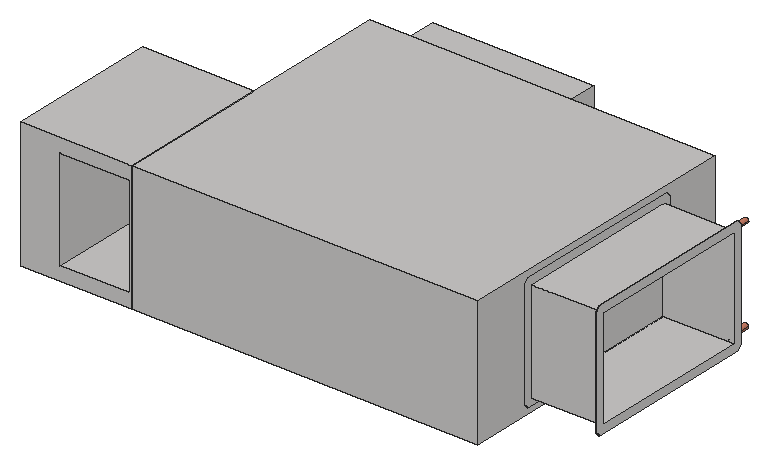
Revit family
Parameters
  Width = 3' - 1"
  Voltage = 277 V
  Unit Weight = if(and(Size Option = 1, Number of Rows = 1), "189.0 lbs", if(and(Size Option = 1, Number of Rows = 2), "192.0 lbs", if(and(Size Option = 2, Number of Rows = 1), "194.0 lbs", if(and(Size Option = 2, Number of Rows = 2), "197.0 lbs", "0"))))  # "194.0 lbs"
  UltraLoc Liner = Choose Liner Option = 3  # no
  URL = "http://www.titus-hvac.com/"
  UL = "181"
  Supply Air Flow [instance] = 0 CFM
  SteriLoc Liner = Choose Liner Option = 2  # no
  Size Option = 2
  Size C = Size Option = 2  # yes
  Size B = Size Option = 1  # no
  Secondary Material = Copper Connectors
  Primary Air Pressure Drop [instance] = 0.00 in-wg
  Primary Air Flow [instance] = 0 CFM
  Pressure [instance] = 0.00 psi
  Plenum Air Pressure Drop [instance] = 0.00 in-wg
  Plenum Air Flow [instance] = 0 CFM
  Outlet Width = 1' - 8 1/2"
  Outlet Height = 1' - 0 1/2"
  Number of Rows = 1
  Number of Poles = 1
  Nominal Width = Width + 0' 6 1/4"  # 3' - 7 1/4"
  Nominal Length = Length + 1' 1 7/8" + 0' 9"  # 5' - 5 7/8"
  Nominal Inlet Size = 0' - 8"
  Nominal Height = 1' - 4"
  NFPA = "90A"
  Motor Full Load Amps [instance] = 1.4 A
  Model = "DTFS-F"
  Min. Air Flow = 0 CFM
  Max. Air Flow = 900 CFM
  Material = Galvanized Steel
  Manufacturer = "Titus"
  Length = 3' - 7"
  Juction Box Offset = 0' - 2 7/8"
  Inlet Diameter = Nominal Inlet Size - 0' 0 1/8"  # 0' - 7 7/8"
  Induced Air Inlet Width = 1' - 1 7/8"
  Induced Air Inlet Offset = (Height - Induced Air Inlet Connection Height) / 2  # 0' - 1 11/16"
  Induced Air Inlet Height = 1' - 7"
  Induced Air Inlet Connection Width = 0' - 8 3/4"
  Induced Air Inlet Connection Height = 1' - 0 5/8"
  Induced Air Filter = no
  Height = 1' - 4"
  Heating Total Capacity [instance] = 0 Btu/h
  Heating Entering Water Temp = 0 °F
  Half Outlet Connection Width = Outlet Width / 2  # 0' - 10 1/4"
  Half Outlet Connection Height = Outlet Height / 2  # 0' - 6 1/4"
  Half Height Start = -(Height / 2)  # -0' - 8"
  Half Height End = Height / 2  # 0' - 8"
  HWC Option = HWC Section : B-C - 1 Row
  HWC Connector Radius = 5/16"
  HP-Motor = "1/4"
  Gallons Per Minute [instance] = 0 GPM
  Frequency = 60 Hz
  Flange Offset = 0' - 1"
  Filter Size = "11\"x14\""
  Fiber Free Liner = Choose Liner Option = 1  # no
  Fan Disconnect Switch = no
  Duct Radius = Nominal Inlet Size / 2  # 0' - 4"
  Description = "Ultra Quiet Series Fan Powered Terminal Unit, Direct Digital Control, Pressure Independent"
  Connector Vertical Offset = 0' - 11 3/4"
  HWC Connector Length = 0' - 3"
  Connector Horizontal Offset = if(Number of Rows = 1, 0' 0", if(Number of Rows = 2, 0' 1", 0' 0"))  # 0' - 0"
  Connection Void Radius = Connection Radius - 0' 0 1/4"  # 0' - 3 11/16"
  Connection Radius = Inlet Diameter / 2  # 0' - 3 15/16"
  Choose Liner Option = 0
  CADworks URL = "www.CADworks.net"
  Assembly Code = "D3040100"
  Apparent Power [instance] = Voltage * Motor Full Load Amps  # 387.8 VA
  Air Inlet Offset = 0' - 6"
  1/2" Fiberglass Liner = Choose Liner Option = 0  # yes
  1" Fiberglass Liner = Choose Liner Option = 4  # no
Reference planes (in)
  plane 1 "Center (Front/Back)": y = 0
  plane 2: z = 0
  plane 3 "Center (Left/Right)": x = 3
  plane 4: x = -18.5
  plane 5: x = 24.5
  plane 6: x = -15.625
  plane 7: x = -21.875
  plane 8: z = 0
  plane 9: y = -18.5
  plane 10: y = 18.5
  plane 11: y = 12.5
  plane 12: z = 0
  plane 13: x = 33.5
  plane 14: x = 32.5
  plane 15: y = 13.25
  plane 16: y = 10.25
  plane 17: z = 5.875
  plane 18: z = -5.875
  plane 19: x = 32.5
  plane 20: y = 24.75
  plane 21: x = -32.375
  plane 22: z = 8
  plane 23: z = -8
Forms (in)
  Extrusion 1, solid, material "Galvanized Steel" <- "Material"
    sketch origin (0, 0, 0) x (1, 0, 0) y (0, 1, 0)
      loop
        line (-18.5, 18.5) -> (-18.5, -18.5) -> (24.5, -18.5) -> (24.5, 18.5) -> (-18.5, 18.5)
    from -8 <- "Half Height Start" to 8 <- "Half Height End"
  Extrusion 2, solid, material "Galvanized Steel" <- "Material"
    sketch origin (0, 0, 0) x (1, 0, 0) y (0, 1, 0)
      loop
        line (-32.375, 0.5) -> (-32.375, -18.5) -> (-18.5, -18.5) -> (-18.5, 0.5) -> (-32.375, 0.5)
    from -8 <- "Half Height Start" to 8 <- "Half Height End"
  Extrusion 3, void
    sketch origin (0, -18.5, 0) x (1, 0, 0) y (0, 0, -1)
      loop
        line (-18.75, 6.3125) -> (-27.5, 6.3125) -> (-27.5, -6.3125) -> (-18.75, -6.3125) -> (-18.75, 6.3125)
    from 0 to 16
  Extrusion 4, solid, material "Galvanized Steel" <- "Material"
    sketch origin (3, 0, 30) x (1, 0, 0) y (0, 1, 0)
      loop
        line (-18.625, 18.5) -> (1.375, 18.5) -> (1.375, 24.75) -> (-18.625, 24.75) -> (-18.625, 18.5)
    from -36 to -24
  Extrusion 5, solid, material "Galvanized Steel" <- "Material"
    sketch origin (-24.875, -2, 0) x (0, 0, -1) y (0, 1, 0)
      loop
        circle (0, 14.5) r 3.9375
    from 3 to 6.375
  Extrusion 6, void
    sketch origin (-24.875, 0, 0) x (0, 1, 0) y (0, 0, 1)
      loop
        circle (12.5, 0) r 3.6875
    from 3 to 9.25
  Extrusion 7, void, detail levels fine
    sketch origin (33.5, -10.25, 6.25) x (0, 0, 1) y (0, -1, 0)
      loop
        line (-12.5, 0) -> (-12.5, -20.5) -> (0, -20.5) -> (0, 0) -> (-12.5, 0)
    from -0.0625 to 0
  Extrusion 8, solid, material "Copper Connectors" <- "Secondary Material", detail levels fine
    sketch origin (0, 0, 0) x (1, 0, 0) y (0, 0, 1)
      loop
        circle (32.5, 5.875) r 0.3125
    from -13.25 to -10.3125
  Extrusion 9, solid, material "Copper Connectors" <- "Secondary Material", detail levels fine
    sketch origin (0, 0, 0) x (1, 0, 0) y (0, 0, 1)
      loop
        circle (32.5, -5.875) r 0.3125
    from -13.25 to -10.3125
Cuts and joins
  Extrusion 3 cuts Extrusion 2
  Extrusion 6 cuts Extrusion 1
  Extrusion 6 cuts Extrusion 5
Dimensions and locks (in)
  "Length": plane 5 to plane 4
  equal spacing: plane 5, plane 3 "Center (Left/Right)", plane 4
  locked: Extrusion 4 to plane 6 at 0
  locked: Extrusion 4 to Extrusion 4 at 20
  "Juction Box Offset": plane 6 to plane 4
  locked: plane 4 to plane 7 at 3.375
  "Width": plane 9 to plane 10
  equal spacing: plane 9, plane 1 "Center (Front/Back)", plane 10
  locked: Extrusion 5 sketch curve to level at 0
  locked: Extrusion 5 sketch curve to plane 11 at 0
  locked: Extrusion 6 sketch curve to level at 0
  locked: Extrusion 6 sketch curve to plane 11 at 0
  locked: Extrusion 4 to Extrusion 4 at 6.25
  locked: Extrusion 4 to Extrusion 4 at 12
  equal spacing: Extrusion 4, plane 8, Extrusion 4
  "Air Inlet Offset": plane 10 to plane 11
  "Induced Air Inlet Height": cut or joined group of Extrusion 2, Extrusion 3 to cut or joined group of Extrusion 2, Extrusion 3
  locked: cut or joined group of Extrusion 5, Extrusion 6 to cut or joined group of Extrusion 5, Extrusion 6 at 3.375
  "Induced Air Inlet Connection Height": Extrusion 3 sketch curve to Extrusion 3 sketch curve
  "Induced Air Inlet Offset": Extrusion 3 sketch curve to cut or joined group of Extrusion 2, Extrusion 3
  "Induced Air Inlet Connection Width": Extrusion 3 sketch curve to Extrusion 3 sketch curve
  locked: Extrusion 3 sketch curve to cut or joined group of Extrusion 1, Extrusion 6 at 0.25
  locked: plane 5 to plane 13 at 9
  locked: plane 14 to plane 13 at 1
  locked: plane 17 to plane 18 at 11.75
  equal spacing: plane 17, plane 12, plane 18
  "Connector Horizontal Offset": plane 19 to plane 14
  "HWC Connector Length": plane 16 to plane 15
  locked: cut or joined group of Extrusion 2, Extrusion 3 to cut or joined group of Extrusion 2, Extrusion 3 at 16
  equal spacing: cut or joined group of Extrusion 2, Extrusion 3, plane 12, cut or joined group of Extrusion 2, Extrusion 3
  locked: cut or joined group of Extrusion 1, Extrusion 6 to cut or joined group of Extrusion 2, Extrusion 3 at 16
  equal spacing: cut or joined group of Extrusion 1, Extrusion 6, plane 12, cut or joined group of Extrusion 1, Extrusion 6
  locked: cut or joined group of Extrusion 2, Extrusion 3 to cut or joined group of Extrusion 2, Extrusion 3 at 13.875
  locked: nested 1 to cut or joined group of Extrusion 1, Extrusion 6 at 1.6875
  locked: cut or joined group of Extrusion 1, Extrusion 6 to nested 1 at 1.6875
  "Connection Radius": radius of Extrusion 5 sketch curve
  "Connection Void Radius": radius of Extrusion 6 sketch curve
  "HWC Connector Radius": radius of Extrusion 8 sketch curve
  "HWC Connector Radius": radius of Extrusion 9 sketch curve
  aligned and locked: plane 10 to Extrusion 4
  aligned and locked: plane 7 to cut or joined group of Extrusion 5, Extrusion 6
  aligned and locked: plane 9 to cut or joined group of Extrusion 2, Extrusion 3  (x3)
  aligned and locked: nested 1 to Extrusion 8
  aligned and locked: plane 15 to Extrusion 8
  aligned and locked: nested 1 to Extrusion 9
  aligned and locked: plane 15 to Extrusion 9
  aligned and locked: plane 5 to cut or joined group of Extrusion 1, Extrusion 6
  aligned and locked: cut or joined group of Extrusion 1, Extrusion 6 to plane 10
  aligned and locked: plane 9 to cut or joined group of Extrusion 1, Extrusion 6
  aligned and locked: cut or joined group of Extrusion 1, Extrusion 6 to plane 4
  aligned and locked: cut or joined group of Extrusion 1, Extrusion 6 to nested 1
  aligned and locked: cut or joined group of Extrusion 5, Extrusion 6 to cut or joined group of Extrusion 1, Extrusion 6
  aligned and locked: cut or joined group of Extrusion 2, Extrusion 3 to cut or joined group of Extrusion 1, Extrusion 6
  aligned and locked: plane 6 to Extrusion 6
  aligned and locked: Extrusion 6 to plane 7
  aligned and locked: plane 22 to cut or joined group of Extrusion 2, Extrusion 3
  aligned and locked: plane 22 to cut or joined group of Extrusion 1, Extrusion 6
  aligned and locked: plane 23 to cut or joined group of Extrusion 2, Extrusion 3
  aligned and locked: plane 23 to cut or joined group of Extrusion 1, Extrusion 6
  aligned and locked: plane 20 to Extrusion 4
  aligned and locked: plane 13 to nested 1
  aligned and locked: plane 21 to cut or joined group of Extrusion 2, Extrusion 3
Automatic sketch dimensions
  Extrusion 1 sketch curve to plane 4 = 0' - 0"
  Extrusion 1 sketch curve to plane 5 = 0' - 0"
  Extrusion 1 sketch curve to plane 9 = 0' - 0"
  Extrusion 1 sketch curve to plane 10 = 0' - 0"
  Extrusion 2 sketch curve to plane 4 = 0' - 0"
  Extrusion 2 sketch curve to plane 9 = 0' - 0"
  Extrusion 2 sketch curve to plane 1 "Center (Front/Back)" = 0' - 0 1/2"
  Extrusion 4 sketch curve to plane 6 = 0' - 0"
  Extrusion 4 sketch curve to plane 10 = 0' - 0"
  plane 3 "Center (Left/Right)" to Extrusion 4 sketch curve = 0' - 1 3/8"
  Extrusion 4 sketch curve to plane 10 = 0' - 6 1/4"
  Extrusion 2 sketch curve to plane 7 = 0' - 10 1/2"
  Extrusion 7 sketch curve to nested 1 = 0' - 0"  (x4)
  Extrusion 8 sketch curve to plane 17 = 0' - 0"
  Extrusion 8 sketch curve to plane 19 = 0' - 0"
  Extrusion 9 sketch curve to plane 14 = 0' - 0"
  Extrusion 9 sketch curve to plane 18 = 0' - 0"
Nested families (in)
  nested 1: "HWC Section" at (29, 0, 0) x (0, 1, 0) z (0, 0, 1), type <- "HWC Option", type "B-C - 1 Row"
Connectors (in)
  electrical at (-5.625, 24.75, 0), driven by "Apparent Power", driven by "Voltage", driven by "Number of Poles"
    settings: on Extrusion 4, index 8
  hvac at (-21.875, 12.5, 0), driven by "Duct Radius", driven by "Primary Air Pressure Drop", driven by "Primary Air Flow"
    settings: on cut or joined group of Extrusion 5, Extrusion 6, index 9
  hvac at (-23.125, -18.5, 0), driven by "Induced Air Inlet Connection Height", driven by "Induced Air Inlet Connection Width", driven by "Plenum Air Pressure Drop", driven by "Plenum Air Flow"
    settings: on cut or joined group of Extrusion 2, Extrusion 3, index 10
  hvac at (33.5, 0, 0), driven by "Outlet Height", driven by "Outlet Width", driven by "Supply Air Flow"
    settings: on Extrusion 7, index 11
  piping at (32.5, 13.25, 5.875), driven by "Gallons Per Minute", driven by "Pressure", driven by "HWC Connector Radius"
    settings: on Extrusion 8, index 12
  piping at (32.5, 13.25, -5.875), driven by "Gallons Per Minute", driven by "HWC Connector Radius", driven by "Pressure"
    settings: on Extrusion 9, index 13
Definition of nested family "HWC Section"
  Parameters (values of type "B-C - 1 Row")
    Visibility = yes
    Secondary Material = Copper Connectors
    Number of Rows = 1
    Material = Galvanized Steel
    Half Width = HWC Width / 2  # 0' - 10 1/4"
    Half Length-Start = -(HWC Length / 2)  # -0' - 4 1/2"
    Half Length-End = HWC Length / 2  # 0' - 4 1/2"
    HWC Connection Radius = 5/16"
    Flange Offset = 0' - 1"
    Duct Vertical Offset = HWC Height - 0' 0 1/2"  # 1' - 0"
    Duct Horizontal Offset = HWC Width - 0' 0 1/2"  # 1' - 8"
    Connector Vertical Offset = 0' - 11 3/4"
    HWC Width = 1' - 8 1/2"
    HWC Height = 1' - 0 1/2"
    HWC Length = 0' - 9"  # constant formula
    Gallons Per Minute = 0 GPM
    Connector Length = 0' - 3"
    Connector Horizontal Offset = 0' - 0"
  Types (5): name | Number of Rows | Half Width | Flange Offset | Duct Vertical Offset | Duct Horizontal Offset | Connector Vertical Offset | HWC Width | HWC Height | Connector Horizontal Offset
    (no name) | 1 | 0' - 10 1/4" | 0' - 1" | 1' - 0" | 1' - 8" | 0' - 11 3/4" | 1' - 8 1/2" | 1' - 0 1/2" | 0' - 0"
    B-C - 1 Row | 1 | 0' - 10 1/4" | 0' - 1" | 1' - 0" | 1' - 8" | 0' - 11 3/4" | 1' - 8 1/2" | 1' - 0 1/2" | 0' - 0"
    B-C - 2 Row | 2 | 0' - 10 1/4" | 0' - 1" | 1' - 0" | 1' - 8" | 0' - 11 3/4" | 1' - 8 1/2" | 1' - 0 1/2" | 0' - 1"
    D-E - 1 Row | 1 | 1' - 0 1/2" | 0' - 1 1/4" | 1' - 5" | 2' - 0 1/2" | 1' - 4 1/4" | 2' - 1" | 1' - 5 1/2" | 0' - 0"
    D-E - 2 Row | 2 | 1' - 0 1/2" | 0' - 1 1/4" | 1' - 5" | 2' - 0 1/2" | 1' - 4 3/4" | 2' - 1" | 1' - 5 1/2" | 0' - 1"
  Reference planes (in)
    plane 1 "Center (Front/Back)": y = 0
    plane 2: z = 0
    plane 3 "Center (Left/Right)": x = 0
    plane 4: x = -10.25
    plane 5: x = 10.25
    plane 6: y = 4.5
    plane 7: y = -4.5
    plane 8: z = 6.25
    plane 9: z = -6.25
    plane 10: z = 5.875
    plane 11: z = -5.875
    plane 12: y = 3.5
    plane 13: y = 3.5
    plane 14: x = 13.25
  Forms (in)
    Extrusion 1, solid, material "Galvanized Steel" <- "Material", visible <- "Visibility"
      sketch origin (0, 0, 0) x (1, 0, 0) y (0, 0, 1)
        loop
          line (-10.3125, 6.3125) -> (-10.3125, -6.3125) -> (10.3125, -6.3125) -> (10.3125, 6.3125) -> (-10.3125, 6.3125)
      from -4.375 <- "Half Length-Start" to 4.5 <- "Half Length-End"
    Extrusion 2, void, detail levels fine
      sketch origin (0, 0, 0) x (1, 0, 0) y (0, 0, 1)
        loop
          line (-10.25, -6.25) -> (10.25, -6.25) -> (10.25, 6.25) -> (-10.25, 6.25) -> (-10.25, -6.25)
      from -4.5 <- "Half Length-Start" to 4.5 <- "Half Length-End"
    Extrusion 3, solid, material "Copper Connectors" <- "Secondary Material", visible <- "Visibility"
      sketch origin (6, 2.625, 0) x (0, 1, 0) y (0, 0, 1)
        loop
          circle (0.875, -5.875) r 0.3125
      from 4.3125 to 7.25
    Extrusion 4, solid, material "Galvanized Steel" <- "Material", visible <- "Visibility"
      sketch origin (0, -4.375, 0) x (1, 0, 0) y (0, 0, 1)
        loop
          line (-10.25, 6.25) -> (-10.25, -6.25) -> (10.25, -6.25) -> (10.25, 6.25) -> (-10.25, 6.25)
        loop
          line (-11.25, 6.75) -> (-11.25, -6.75) -> (-10.75, -7.25) -> (10.75, -7.25) -> (11.25, -6.75) -> (11.25, 6.75) -> (10.75, 7.25) -> (-10.75, 7.25) -> (-11.25, 6.75)
      from 0 to 0.125
    Extrusion 5, solid, material "Copper Connectors" <- "Secondary Material", visible <- "Visibility"
      sketch origin (6, -0.5, 0) x (0, 1, 0) y (0, 0, 1)
        loop
          circle (4, 5.875) r 0.3125
      from 4.3125 to 7.25
    Extrusion 6, solid, material "Galvanized Steel" <- "Material", visible <- "Visibility"
      sketch origin (0, 4.375, 0) x (1, 0, 0) y (0, 0, -1)
        loop
          line (-10.25, -6.25) -> (10.25, -6.25) -> (10.25, 6.25) -> (-10.25, 6.25) -> (-10.25, -6.25)
        loop
          line (-11.25, -6.75) -> (-10.75, -7.25) -> (10.75, -7.25) -> (11.25, -6.75) -> (11.25, 6.75) -> (10.75, 7.25) -> (-10.75, 7.25) -> (-11.25, 6.75) -> (-11.25, -6.75)
      from 0 to 0.125
  Cuts and joins
    Extrusion 2 cuts Extrusion 1
    joined: Extrusion 1, Extrusion 4, Extrusion 6
  Dimensions and locks (in)
    "HWC Width": plane 4 to plane 5
    equal spacing: plane 4, plane 3 "Center (Left/Right)", plane 5
    "HWC Height": plane 8 to plane 9
    equal spacing: plane 8, plane 2, plane 9
    equal spacing: plane 10, plane 2, plane 11
    locked: plane 12 to plane 6 at 1
    "Connector Horizontal Offset": plane 13 to plane 12
    locked: plane 7 to Extrusion 4 at 0.125
    locked: Extrusion 6 to plane 6 at 0.125
    locked: plane 4 to Extrusion 1 sketch curve at 0.0625
    locked: Extrusion 4 to Extrusion 1 sketch curve at 0.0625
    locked: Extrusion 1 sketch curve to plane 8 at 0.0625
    locked: plane 9 to Extrusion 1 sketch curve at 0.0625
    "Connector Length": plane 5 to plane 14
    "HWC Length": plane 6 to plane 7
    equal spacing: plane 6, plane 1 "Center (Front/Back)", plane 7
    "Connector Vertical Offset": plane 10 to plane 11
    equal spacing: plane 10, level, plane 11
    "HWC Width": Extrusion 4 sketch curve to Extrusion 4 sketch curve
    equal spacing: Extrusion 4 sketch curve, plane 3 "Center (Left/Right)", Extrusion 4 sketch curve
    "HWC Height": Extrusion 4 sketch curve to Extrusion 4 sketch curve
    equal spacing: Extrusion 4 sketch curve, plane 2, Extrusion 4 sketch curve
    "Flange Offset": cut or joined group of Extrusion 1, Extrusion 2, Extrusion 4, Extrusion 6 to plane 8
    "Flange Offset": plane 9 to cut or joined group of Extrusion 1, Extrusion 2, Extrusion 4, Extrusion 6
    locked: cut or joined group of Extrusion 1, Extrusion 2, Extrusion 4, Extrusion 6 to plane 4 at 1  (x2)
    locked: cut or joined group of Extrusion 1, Extrusion 2, Extrusion 4, Extrusion 6 to plane 5 at 1  (x2)
    "HWC Width": Extrusion 6 sketch curve to Extrusion 6 sketch curve
    "HWC Height": Extrusion 6 sketch curve to Extrusion 6 sketch curve
    equal spacing: Extrusion 6 sketch curve, plane 3 "Center (Left/Right)", Extrusion 6 sketch curve
    equal spacing: Extrusion 6 sketch curve, plane 2, Extrusion 6 sketch curve
    "HWC Height": Extrusion 2 sketch curve to Extrusion 2 sketch curve
    "HWC Width": Extrusion 2 sketch curve to Extrusion 2 sketch curve
    equal spacing: Extrusion 2 sketch curve, plane 3 "Center (Left/Right)", Extrusion 2 sketch curve
    equal spacing: Extrusion 2 sketch curve, plane 2, Extrusion 2 sketch curve
    locked: plane 5 to Extrusion 3 at 0.0625
    locked: plane 5 to Extrusion 5 at 0.0625
    "Flange Offset": Extrusion 6 sketch curve to plane 8  (x2)
    "Flange Offset": plane 9 to Extrusion 6 sketch curve  (x2)
    "HWC Connection Radius": radius of Extrusion 3 sketch curve
    "HWC Connection Radius": radius of Extrusion 5 sketch curve
    aligned and locked: plane 7 to Extrusion 4
    aligned and locked: plane 6 to Extrusion 6
    aligned and locked: plane 14 to Extrusion 5
    aligned and locked: plane 14 to Extrusion 3
    aligned and locked: Extrusion 6 to cut or joined group of Extrusion 1, Extrusion 2, Extrusion 4, Extrusion 6
    aligned and locked: Extrusion 4 to Extrusion 4
  Automatic sketch dimensions
    Extrusion 3 sketch curve to plane 11 = 0' - 0"
    Extrusion 3 sketch curve to plane 12 = 0' - 0"
    plane 4 to Extrusion 4 sketch curve = 0' - 1"
    plane 4 to Extrusion 4 sketch curve = 0' - 0 1/2"  (x2)
    Extrusion 4 sketch curve to plane 5 = 0' - 0 1/2"  (x2)
    Extrusion 4 sketch curve to Extrusion 4 sketch curve = 0' - 0 1/2"  (x3)
    Extrusion 4 sketch curve to plane 9 = 0' - 0 1/2"  (x2)
    plane 8 to Extrusion 4 sketch curve = 0' - 0 1/2"  (x2)
    Extrusion 5 sketch curve to plane 10 = 0' - 0"
    Extrusion 5 sketch curve to plane 13 = 0' - 0"
    plane 4 to Extrusion 6 sketch curve = 0' - 1"
    plane 4 to Extrusion 6 sketch curve = 0' - 0 1/2"  (x2)
    Extrusion 6 sketch curve to plane 5 = 0' - 0 1/2"  (x2)
    Extrusion 6 sketch curve to Extrusion 6 sketch curve = 0' - 0 1/2"  (x2)
    plane 8 to Extrusion 6 sketch curve = 0' - 0 1/2"  (x2)
    Extrusion 6 sketch curve to plane 9 = 0' - 0 1/2"
